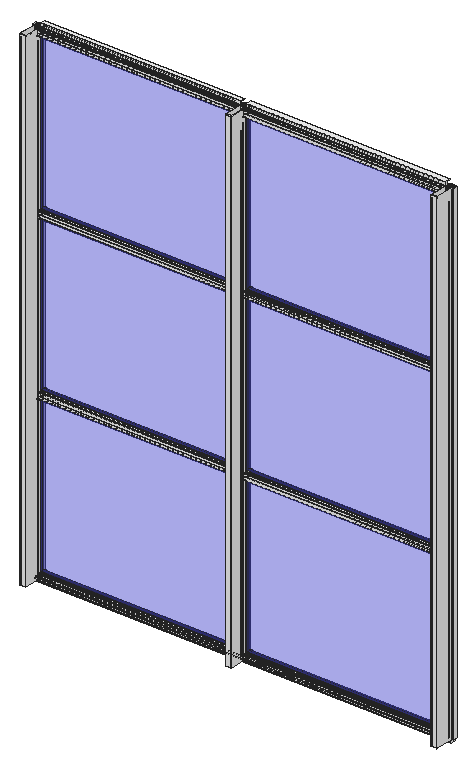
Revit family "Facade_60_Curtain_Wall_S23_Standard", category Windows, host Wall, Revit 2014 (continued)
Definition of nested family "F60 Vertical Profile Side_S23_Std"
  Automatic sketch dimensions
    Extrusion 5 sketch curve to Extrusion 5 sketch curve = 0.65 mm  (x2)
    Extrusion 5 sketch curve to Extrusion 5 sketch curve = 0.128 mm  (x2)
    plane 3 "Center (Left/Right)" to Extrusion 5 sketch curve = 1.015 mm
    plane 3 "Center (Left/Right)" to Extrusion 5 sketch curve = 1.051 mm
    Extrusion 5 sketch curve to Extrusion 5 sketch curve = 0.469 mm  (x2)
    Extrusion 5 sketch curve to Extrusion 5 sketch curve = 1.079 mm
    Extrusion 5 sketch curve to Extrusion 5 sketch curve = 1.317 mm  (x2)
    Extrusion 5 sketch curve to Extrusion 5 sketch curve = 0 mm  (x3)
    plane 3 "Center (Left/Right)" to Extrusion 5 sketch curve = 3.851 mm
    Extrusion 5 sketch curve to Extrusion 5 sketch curve = 0.15 mm  (x2)
    Extrusion 5 sketch curve to Extrusion 5 sketch curve = 26 mm  (x2)
    Extrusion 5 sketch curve to Extrusion 5 sketch curve = 1.05 mm
    plane 1 "Center (Front/Back)" to Extrusion 5 sketch curve = 16.772 mm
    Extrusion 5 sketch curve to Extrusion 5 sketch curve = 0.707 mm
    Extrusion 5 sketch curve to Extrusion 5 sketch curve = 0.433 mm
    plane 1 "Center (Front/Back)" to Extrusion 5 sketch curve = 17.298 mm
    plane 1 "Center (Front/Back)" to Extrusion 5 sketch curve = 14.076 mm
    Extrusion 5 sketch curve to Extrusion 5 sketch curve = 0.5 mm  (x2)
    plane 1 "Center (Front/Back)" to Extrusion 5 sketch curve = 18.761 mm
    Extrusion 5 sketch curve to Extrusion 5 sketch curve = 0.1 mm  (x3)
    Extrusion 5 sketch curve to Extrusion 5 sketch curve = 1.1 mm  (x2)
    Extrusion 5 sketch curve to Extrusion 5 sketch curve = 8.608 mm
    Extrusion 5 sketch curve to Extrusion 5 sketch curve = 0.962 mm
    Extrusion 6 sketch curve to plane 3 "Center (Left/Right)" = 0 mm
    plane 3 "Center (Left/Right)" to Extrusion 6 sketch curve = 1 mm
    plane 3 "Center (Left/Right)" to Extrusion 6 sketch curve = 1.65 mm
    plane 3 "Center (Left/Right)" to Extrusion 6 sketch curve = 1.85 mm
    Extrusion 6 sketch curve to Extrusion 6 sketch curve = 10.317 mm  (x3)
    Extrusion 6 sketch curve to Extrusion 6 sketch curve = 1.833 mm  (x4)
    Extrusion 6 sketch curve to Extrusion 6 sketch curve = 0.02 mm  (x2)
    Extrusion 6 sketch curve to plane 1 "Center (Front/Back)" = 13 mm
    Extrusion 6 sketch curve to Extrusion 6 sketch curve = 31.961 mm
    Extrusion 6 sketch curve to Extrusion 6 sketch curve = 32 mm
    Extrusion 6 sketch curve to Extrusion 6 sketch curve = 0.2 mm  (x5)
    Extrusion 6 sketch curve to Extrusion 6 sketch curve = 0.85 mm
    Extrusion 6 sketch curve to Extrusion 6 sketch curve = 1.65 mm
    Extrusion 6 sketch curve to Extrusion 6 sketch curve = 1 mm  (x8)
    Extrusion 6 sketch curve to Extrusion 6 sketch curve = 1.944 mm
    Extrusion 6 sketch curve to Extrusion 6 sketch curve = 4.656 mm  (x2)
    Extrusion 6 sketch curve to Extrusion 6 sketch curve = 82.1 mm
    Extrusion 6 sketch curve to Extrusion 6 sketch curve = 2.5 mm
    Extrusion 7 sketch curve to plane 3 "Center (Left/Right)" = 0 mm
    Extrusion 7 sketch curve to Extrusion 7 sketch curve = 1 mm  (x3)
    plane 3 "Center (Left/Right)" to Extrusion 7 sketch curve = 1.65 mm
    plane 3 "Center (Left/Right)" to Extrusion 7 sketch curve = 2.35 mm
    Extrusion 7 sketch curve to Extrusion 7 sketch curve = 0.6 mm  (x3)
    Extrusion 7 sketch curve to Extrusion 7 sketch curve = 9.217 mm  (x2)
    Extrusion 7 sketch curve to Extrusion 7 sketch curve = 1.833 mm  (x2)
    Extrusion 7 sketch curve to Extrusion 7 sketch curve = 32 mm
    Extrusion 7 sketch curve to plane 1 "Center (Front/Back)" = 15 mm
    Extrusion 7 sketch curve to Extrusion 7 sketch curve = 54.1 mm
    Extrusion 7 sketch curve to Extrusion 7 sketch curve = 1.3 mm
    Extrusion 7 sketch curve to Extrusion 7 sketch curve = 1.95 mm
    Extrusion 7 sketch curve to Extrusion 7 sketch curve = 1.65 mm
    Extrusion 7 sketch curve to Extrusion 7 sketch curve = 4.987 mm
    Extrusion 7 sketch curve to Extrusion 7 sketch curve = 4.813 mm
    Extrusion 7 sketch curve to Extrusion 7 sketch curve = 4.812 mm
    Extrusion 7 sketch curve to Extrusion 7 sketch curve = 137.5 mm
    Extrusion 7 sketch curve to Extrusion 7 sketch curve = 0.2 mm  (x2)
    Extrusion 7 sketch curve to Extrusion 7 sketch curve = 0.4 mm  (x2)
    Extrusion 7 sketch curve to Extrusion 7 sketch curve = 4.5 mm
    Extrusion 8 sketch curve to plane 3 "Center (Left/Right)" = 0 mm
    Extrusion 8 sketch curve to Extrusion 8 sketch curve = 1 mm  (x3)
    plane 3 "Center (Left/Right)" to Extrusion 8 sketch curve = 1.65 mm
    plane 3 "Center (Left/Right)" to Extrusion 8 sketch curve = 2.75 mm
    Extrusion 8 sketch curve to Extrusion 8 sketch curve = 0.8 mm  (x2)
    Extrusion 8 sketch curve to Extrusion 8 sketch curve = 52.5 mm
    Extrusion 8 sketch curve to plane 1 "Center (Front/Back)" = 15.1 mm
    Extrusion 8 sketch curve to Extrusion 8 sketch curve = 52.9 mm
    Extrusion 8 sketch curve to Extrusion 8 sketch curve = 1.9 mm
    Extrusion 8 sketch curve to Extrusion 8 sketch curve = 2.75 mm
    Extrusion 8 sketch curve to Extrusion 8 sketch curve = 4.444 mm
    Extrusion 8 sketch curve to Extrusion 8 sketch curve = 4.656 mm  (x2)
    Extrusion 8 sketch curve to Extrusion 8 sketch curve = 163.2 mm
    Extrusion 8 sketch curve to Extrusion 8 sketch curve = 9.5 mm
    plane 3 "Center (Left/Right)" to Extrusion 9 sketch curve = 25.249 mm
    Extrusion 9 sketch curve to Extrusion 9 sketch curve = 0.5 mm  (x4)
    Extrusion 9 sketch curve to Extrusion 9 sketch curve = 1.1 mm
    plane 1 "Center (Front/Back)" to Extrusion 9 sketch curve = 11.356 mm  (x2)
    Extrusion 9 sketch curve to Extrusion 9 sketch curve = 0.293 mm  (x2)
    Extrusion 9 sketch curve to Extrusion 9 sketch curve = 1.896 mm
    Extrusion 9 sketch curve to Extrusion 9 sketch curve = 1.922 mm
    Extrusion 9 sketch curve to Extrusion 9 sketch curve = 1 mm  (x2)
    Extrusion 9 sketch curve to Extrusion 9 sketch curve = 0.7 mm
    Extrusion 9 sketch curve to Extrusion 9 sketch curve = 0.808 mm
    Extrusion 9 sketch curve to plane 1 "Center (Front/Back)" = 2.272 mm  (x2)
    Extrusion 9 sketch curve to Extrusion 9 sketch curve = 0.303 mm
    Extrusion 9 sketch curve to plane 1 "Center (Front/Back)" = 1.745 mm
    Extrusion 9 sketch curve to Extrusion 9 sketch curve = 0.356 mm
    plane 1 "Center (Front/Back)" to Extrusion 9 sketch curve = 9.206 mm  (x2)
    Extrusion 9 sketch curve to Extrusion 9 sketch curve = 1.647 mm
    Extrusion 9 sketch curve to Extrusion 9 sketch curve = 0.701 mm
    Extrusion 9 sketch curve to Extrusion 9 sketch curve = 0.992 mm
    Extrusion 9 sketch curve to Extrusion 9 sketch curve = 0.003 mm
    Extrusion 9 sketch curve to Extrusion 9 sketch curve = 0.002 mm
    Extrusion 9 sketch curve to Extrusion 9 sketch curve = 0.004 mm
    Extrusion 9 sketch curve to Extrusion 9 sketch curve = 0.708 mm
    Extrusion 9 sketch curve to plane 1 "Center (Front/Back)" = 1.946 mm
    Extrusion 9 sketch curve to Extrusion 9 sketch curve = 0.899 mm
    Extrusion 9 sketch curve to Extrusion 9 sketch curve = 0.444 mm
    Extrusion 9 sketch curve to Extrusion 9 sketch curve = 3.038 mm
    Extrusion 9 sketch curve to plane 1 "Center (Front/Back)" = 0.385 mm  (x2)
    Extrusion 9 sketch curve to Extrusion 9 sketch curve = 0.756 mm
    Extrusion 9 sketch curve to Extrusion 9 sketch curve = 2.153 mm
    Extrusion 9 sketch curve to Extrusion 9 sketch curve = 0.631 mm
    Extrusion 9 sketch curve to Extrusion 9 sketch curve = 0.807 mm
    Extrusion 9 sketch curve to Extrusion 9 sketch curve = 1.646 mm
    Extrusion 9 sketch curve to Extrusion 9 sketch curve = 0.707 mm
    Extrusion 9 sketch curve to Extrusion 9 sketch curve = 1.393 mm
    Extrusion 9 sketch curve to Extrusion 9 sketch curve = 1.923 mm
    Extrusion 9 sketch curve to Extrusion 9 sketch curve = 11.937 mm
    Extrusion 9 sketch curve to Extrusion 9 sketch curve = 1.6 mm
    Extrusion 9 sketch curve to Extrusion 9 sketch curve = 0.9 mm  (x2)
    Extrusion 9 sketch curve to Extrusion 9 sketch curve = 1.356 mm  (x2)
    Extrusion 9 sketch curve to Extrusion 9 sketch curve = 0.714 mm
    Extrusion 9 sketch curve to Extrusion 9 sketch curve = 0.02 mm
    Extrusion 9 sketch curve to Extrusion 9 sketch curve = 0.399 mm
    Extrusion 9 sketch curve to Extrusion 9 sketch curve = 2.224 mm
    Extrusion 9 sketch curve to Extrusion 9 sketch curve = 0.448 mm
    Extrusion 9 sketch curve to plane 1 "Center (Front/Back)" = 0.198 mm
    Extrusion 9 sketch curve to plane 1 "Center (Front/Back)" = 0.201 mm
    Extrusion 9 sketch curve to Extrusion 9 sketch curve = 0.032 mm
    Extrusion 9 sketch curve to Extrusion 9 sketch curve = 0 mm
    plane 3 "Center (Left/Right)" to Extrusion 10 sketch curve = 1.014 mm
    Extrusion 10 sketch curve to Extrusion 10 sketch curve = 0.469 mm  (x2)
    plane 3 "Center (Left/Right)" to Extrusion 10 sketch curve = 1.706 mm
    Extrusion 10 sketch curve to Extrusion 10 sketch curve = 1.079 mm
    Extrusion 10 sketch curve to Extrusion 10 sketch curve = 0.864 mm
    Extrusion 10 sketch curve to Extrusion 10 sketch curve = 1.15 mm  (x4)
    Extrusion 10 sketch curve to Extrusion 10 sketch curve = 3.2 mm  (x2)
    Extrusion 10 sketch curve to Extrusion 10 sketch curve = 3.031 mm  (x2)
    Extrusion 10 sketch curve to Extrusion 10 sketch curve = 0.6 mm  (x3)
    Extrusion 10 sketch curve to Extrusion 10 sketch curve = 15.584 mm  (x2)
    Extrusion 10 sketch curve to Extrusion 10 sketch curve = 0.808 mm  (x2)
    Extrusion 10 sketch curve to Extrusion 10 sketch curve = 3.038 mm
    Extrusion 10 sketch curve to Extrusion 10 sketch curve = 0.865 mm
    Extrusion 10 sketch curve to Extrusion 10 sketch curve = 1.25 mm  (x5)
    Extrusion 10 sketch curve to Extrusion 10 sketch curve = 0.61 mm
    plane 1 "Center (Front/Back)" to Extrusion 10 sketch curve = 31.288 mm
    Extrusion 10 sketch curve to Extrusion 10 sketch curve = 0.362 mm
    plane 1 "Center (Front/Back)" to Extrusion 10 sketch curve = 31.65 mm
    Extrusion 10 sketch curve to Extrusion 10 sketch curve = 0.962 mm
    Extrusion 10 sketch curve to Extrusion 10 sketch curve = 0.85 mm
    Extrusion 10 sketch curve to Extrusion 10 sketch curve = 0.512 mm  (x2)
    Extrusion 10 sketch curve to Extrusion 10 sketch curve = 0.4 mm  (x2)
    Extrusion 10 sketch curve to Extrusion 10 sketch curve = 1 mm
    Extrusion 10 sketch curve to Extrusion 10 sketch curve = 2.8 mm
    Extrusion 10 sketch curve to Extrusion 10 sketch curve = 0 mm  (x2)
    Extrusion 10 sketch curve to Extrusion 10 sketch curve = 1.4 mm
    Extrusion 10 sketch curve to Extrusion 10 sketch curve = 0.539 mm  (x2)
    plane 1 "Center (Front/Back)" to Extrusion 10 sketch curve = 28.864 mm
    Extrusion 11 sketch curve to plane 3 "Center (Left/Right)" = 0 mm
    plane 3 "Center (Left/Right)" to Extrusion 11 sketch curve = 0.65 mm
    Extrusion 11 sketch curve to Extrusion 11 sketch curve = 0.128 mm  (x2)
    plane 3 "Center (Left/Right)" to Extrusion 11 sketch curve = 1.014 mm
    plane 3 "Center (Left/Right)" to Extrusion 11 sketch curve = 1.05 mm
    Extrusion 11 sketch curve to Extrusion 11 sketch curve = 0.469 mm  (x2)
    Extrusion 11 sketch curve to Extrusion 11 sketch curve = 1.079 mm
    Extrusion 11 sketch curve to Extrusion 11 sketch curve = 1.317 mm  (x2)
    Extrusion 11 sketch curve to Extrusion 11 sketch curve = 0 mm  (x3)
    plane 3 "Center (Left/Right)" to Extrusion 11 sketch curve = 3.85 mm
    Extrusion 11 sketch curve to Extrusion 11 sketch curve = 0.15 mm  (x2)
    Extrusion 11 sketch curve to Extrusion 11 sketch curve = 26 mm  (x2)
    Extrusion 11 sketch curve to Extrusion 11 sketch curve = 1.05 mm
    Extrusion 11 sketch curve to Extrusion 11 sketch curve = 0.707 mm
    Extrusion 11 sketch curve to Extrusion 11 sketch curve = 0.433 mm
    plane 1 "Center (Front/Back)" to Extrusion 11 sketch curve = 31.288 mm
    plane 1 "Center (Front/Back)" to Extrusion 11 sketch curve = 28.065 mm
    Extrusion 11 sketch curve to Extrusion 11 sketch curve = 1.314 mm
    Extrusion 11 sketch curve to Extrusion 11 sketch curve = 0.65 mm
    Extrusion 11 sketch curve to Extrusion 11 sketch curve = 0.5 mm  (x2)
    plane 1 "Center (Front/Back)" to Extrusion 11 sketch curve = 32.75 mm
    Extrusion 11 sketch curve to Extrusion 11 sketch curve = 0.1 mm  (x3)
    Extrusion 11 sketch curve to Extrusion 11 sketch curve = 1.1 mm  (x2)
    Extrusion 11 sketch curve to Extrusion 11 sketch curve = 8.608 mm
    Extrusion 11 sketch curve to Extrusion 11 sketch curve = 0.962 mm
    Extrusion 12 sketch curve to plane 3 "Center (Left/Right)" = 21.349 mm
    Extrusion 12 sketch curve to Extrusion 12 sketch curve = 6.35 mm
    plane 3 "Center (Left/Right)" to Extrusion 12 sketch curve = 10.403 mm
    plane 1 "Center (Front/Back)" to Extrusion 12 sketch curve = 35.567 mm
    plane 1 "Center (Front/Back)" to Extrusion 12 sketch curve = 10.171 mm
    plane 1 "Center (Front/Back)" to Extrusion 12 sketch curve = 3.821 mm
    Extrusion 13 sketch curve to plane 3 "Center (Left/Right)" = 21.35 mm
    Extrusion 13 sketch curve to Extrusion 13 sketch curve = 6.35 mm
    plane 3 "Center (Left/Right)" to Extrusion 13 sketch curve = 10.402 mm
    plane 1 "Center (Front/Back)" to Extrusion 13 sketch curve = 33.172 mm
    plane 1 "Center (Front/Back)" to Extrusion 13 sketch curve = 7.775 mm
    plane 1 "Center (Front/Back)" to Extrusion 13 sketch curve = 1.425 mm
    Extrusion 14 sketch curve to plane 3 "Center (Left/Right)" = 0 mm
    plane 3 "Center (Left/Right)" to Extrusion 14 sketch curve = 1.2 mm
    Extrusion 14 sketch curve to Extrusion 14 sketch curve = 9.6 mm
    Extrusion 14 sketch curve to Extrusion 14 sketch curve = 1.2 mm  (x3)
    plane 1 "Center (Front/Back)" to Extrusion 14 sketch curve = 25.775 mm
    plane 1 "Center (Front/Back)" to Extrusion 14 sketch curve = 8.975 mm
    curve 4 to Extrusion 6 = 0 mm
    curve 3 to Extrusion 6 = 0 mm
    curve 1 to Extrusion 6 = 0 mm
    curve 4 to Extrusion 6 = 3.6 mm
    curve 3 to Extrusion 6 = 3.6 mm
    curve 1 to Extrusion 6 = 3.6 mm
    Extrusion 6 to curve 2 = 1 mm
    Extrusion 6 to curve 5 = 1 mm
    Extrusion 6 to curve 6 = 1 mm
    curve 6 to Extrusion 6 = 1 mm
    curve 5 to Extrusion 6 = 1 mm
    curve 2 to Extrusion 6 = 1 mm
    curve 9 to Extrusion 6 = 0 mm
    curve 8 to Extrusion 6 = 0 mm
    curve 7 to Extrusion 6 = 0 mm
    Extrusion 6 to curve 8 = 3.6 mm
    Extrusion 6 to curve 9 = 3.6 mm
    Extrusion 6 to curve 7 = 3.6 mm
    curve 12 to Extrusion 5 = 25.894 mm
    curve 11 to Extrusion 5 = 25.894 mm
    curve 10 to Extrusion 5 = 25.894 mm
    curve 10 to Extrusion 5 = 0.108 mm
    Extrusion 5 to curve 12 = 0.703 mm
    Extrusion 5 to curve 11 = 0.703 mm
    curve 13 to Extrusion 5 = 4 mm
    curve 14 to Extrusion 5 = 4 mm
    curve 15 to Extrusion 5 = 4 mm
    Extrusion 5 to curve 15 = 0.702 mm
    Extrusion 5 to curve 14 = 0.702 mm
    Extrusion 5 to curve 13 = 0.702 mm
    curve 18 to Extrusion 7 = 0 mm
    curve 17 to Extrusion 7 = 0 mm
    curve 16 to Extrusion 7 = 0 mm
    Extrusion 7 to curve 17 = 3.6 mm
    Extrusion 7 to curve 18 = 3.6 mm
    Extrusion 7 to curve 16 = 3.6 mm
    Extrusion 7 to curve 21 = 1 mm  (x2)
    Extrusion 7 to curve 20 = 1 mm  (x2)
    Extrusion 7 to curve 19 = 1 mm  (x2)
    curve 24 to Extrusion 7 = 0 mm
    curve 23 to Extrusion 7 = 0 mm
    curve 22 to Extrusion 7 = 0 mm
    curve 24 to Extrusion 7 = 3.6 mm
    curve 23 to Extrusion 7 = 3.6 mm
    curve 22 to Extrusion 7 = 3.6 mm
    curve 27 to Extrusion 8 = 0 mm
    curve 26 to Extrusion 8 = 0 mm
    curve 25 to Extrusion 8 = 0 mm
    Extrusion 8 to curve 26 = 3.6 mm
    Extrusion 8 to curve 27 = 3.6 mm
    Extrusion 8 to curve 25 = 3.6 mm
    Extrusion 8 to curve 30 = 0.221 mm
    Extrusion 8 to curve 29 = 0.221 mm
    Extrusion 8 to curve 28 = 0.221 mm
    curve 29 to Extrusion 8 = 0.222 mm
    curve 30 to Extrusion 8 = 0.222 mm
    curve 28 to Extrusion 8 = 0.222 mm
    curve 33 to Extrusion 8 = 0 mm
    curve 32 to Extrusion 8 = 0 mm
    curve 31 to Extrusion 8 = 0 mm
    curve 33 to Extrusion 8 = 3.6 mm
    curve 32 to Extrusion 8 = 3.6 mm
    curve 31 to Extrusion 8 = 3.6 mm
    curve 34 to Extrusion 11 = 4.016 mm
    curve 35 to Extrusion 11 = 4.016 mm
    curve 36 to Extrusion 11 = 3.97 mm
    Extrusion 11 to curve 36 = 0.637 mm
    Extrusion 11 to curve 35 = 0.637 mm
    Extrusion 11 to curve 34 = 0.637 mm
    curve 37 to Extrusion 11 = 29.221 mm
    curve 38 to Extrusion 11 = 29.221 mm
    curve 39 to Extrusion 11 = 29.221 mm
    Extrusion 11 to curve 39 = 3.222 mm
    Extrusion 11 to curve 38 = 3.222 mm
    Extrusion 11 to curve 37 = 3.222 mm
Definition of nested family "F60 Horizontal Profile Top_S23_Std"
  Parameters (values of type "F60 Horizontal Profile Top")
    Thermal Break Material [instance] = none
    Single Glazing [instance] = yes
    Profile Material [instance] = none
    Length [instance] = 250 mm
    Double Glazing [instance] = yes
  Reference planes
    plane 1 "Center (Front/Back)": y = 0
    plane 2: z = 0
    plane 3 "Center (Left/Right)": x = 0
  Forms (mm)
    Extrusion 1, solid, material <- "Profile Material"
      sketch origin (0, 0, 0) x (0, 1, 0) y (0, 0, 1)
        loop
          line (-9.94, 7.845) -> (-8.37, 6.275) -> (-1.2, 10.415) -> (-1.2, 1.2) -> (-5, 1.2) -> (-5, 0) -> (-1, 0)
          arc (-1, 0) -> (-0.293, 0.293) -> (0, 1) r 1
          line (0, 1) -> (0, 30) -> (0, 59)
          arc (0, 59) -> (-0.293, 59.707) -> (-1, 60) r 1
          line (-1, 60) -> (-5, 60) -> (-5, 58.8) -> (-1.2, 58.8) -> (-1.2, 49.585) -> (-8.37, 53.725) -> (-9.94, 52.155)
          arc (-9.94, 52.155) -> (-9.902, 51.269) -> (-9.016, 51.232) r 0.655
          line (-9.016, 51.232) -> (-8.077, 52.17) -> (-1.2, 48.2) -> (-1.2, 30) -> (-1.2, 11.8) -> (-8.077, 7.83) -> (-9.016, 8.768)
          arc (-9.016, 8.768) -> (-9.902, 8.731) -> (-9.94, 7.845) r 0.655
      from 0 to 250 <- "Length"
    Extrusion 2, solid, material <- "Profile Material"
      sketch origin (0, 0, 0) x (0, 1, 0) y (0, 0, 1)
        loop
          line (-5, 60) -> (-44.6, 60) -> (-44.6, 58.35) -> (-39.944, 58.35) -> (-39.944, 1.65) -> (-44.6, 1.65) -> (-44.6, 0) -> (-5, 0) -> (-5, 2.2) -> (-4.2, 2.2) -> (-4.2, 3.018)
          arc (-4.2, 3.018) -> (-4.352, 3.783) -> (-4.786, 4.432) r 2
          line (-4.786, 4.432) -> (-7.054, 6.7) -> (-8, 6.489) -> (-8, 5.7) -> (-7.205, 5.7) -> (-7.205, 2.95) -> (-8, 2.95) -> (-8, 1.95) -> (-12.752, 1.95) -> (-12.752, 6.7) -> (-14.152, 6.7) -> (-14.152, 1.65) -> (-38.65, 1.65) -> (-38.65, 8.33) -> (-37.097, 8.33) -> (-34.666, 6.973)
          arc (-34.666, 6.973) -> (-33.846, 7.192) -> (-34.066, 8.012) r 0.6
          line (-34.066, 8.012) -> (-37.128, 9.78) -> (-38.65, 9.78) -> (-38.65, 12.65) -> (-37.6, 13.7) -> (-37.6, 20.3) -> (-38.65, 21.35) -> (-38.65, 38.65) -> (-37.6, 39.7) -> (-37.6, 46.3) -> (-38.65, 47.35) -> (-38.65, 50.22) -> (-37.128, 50.22) -> (-34.066, 51.988)
          arc (-34.066, 51.988) -> (-33.846, 52.808) -> (-34.666, 53.027) r 0.6
          line (-34.666, 53.027) -> (-37.032, 51.661) -> (-38.65, 51.661) -> (-38.65, 58.35) -> (-14.152, 58.35) -> (-14.152, 53.3) -> (-12.752, 53.3) -> (-12.752, 58.05) -> (-8, 58.05) -> (-8, 57.05) -> (-7.205, 57.05) -> (-7.205, 54.3) -> (-8, 54.3) -> (-8, 53.511) -> (-7.054, 53.3) -> (-4.786, 55.568)
          arc (-4.786, 55.568) -> (-4.352, 56.217) -> (-4.2, 56.982) r 2
          line (-4.2, 56.982) -> (-4.2, 57.8) -> (-5, 57.8) -> (-5, 60)
      from 0 to 250 <- "Length"
    Extrusion 3, solid, material <- "Thermal Break Material"
      sketch origin (0, 0, 0) x (0, 1, 0) y (0, 0, 1)
        loop
          line (-40, 1.75) -> (-40, 30) -> (-40, 58.25) -> (-44.6, 58.25) -> (-44.6, 60) -> (-45.9, 60) -> (-45.9, 53.65) -> (-41.788, 53.65)
          arc (-41.788, 53.65) -> (-41.363, 53.474) -> (-41.187, 53.05) r 0.6
          line (-41.187, 53.05) -> (-41.187, 30) -> (-41.187, 6.95)
          arc (-41.187, 6.95) -> (-41.363, 6.526) -> (-41.788, 6.35) r 0.6
          line (-41.788, 6.35) -> (-45.9, 6.35) -> (-45.9, 0) -> (-44.6, 0) -> (-44.6, 1.75) -> (-40, 1.75)
      from 0 to 250 <- "Length"
    Extrusion 4, solid, material <- "Profile Material"
      sketch origin (0, 0, 0) x (0, 1, 0) y (0, 0, 1)
        loop
          line (-58.5, 25.249) -> (-43.6, 25.249)
          arc (-43.6, 25.249) -> (-43.034, 25.015) -> (-42.8, 24.449) r 0.8
          line (-42.8, 24.449) -> (-42.8, 7.9) -> (-44.4, 7.9) -> (-44.4, 9.45) -> (-45.25, 9.45)
          arc (-45.25, 9.45) -> (-45.674, 9.274) -> (-45.85, 8.85) r 0.6
          line (-45.85, 8.85) -> (-45.85, 7.9) -> (-48.8, 7.9)
          arc (-48.8, 7.9) -> (-49.3, 8.4) -> (-49.8, 7.9) r 0.5
          line (-49.8, 7.9) -> (-49.8, 5.55) -> (-48.65, 5.55) -> (-48.65, 6.7) -> (-47.35, 6.7) -> (-47.35, 1.2) -> (-48.65, 1.2) -> (-48.65, 2.35) -> (-49.8, 2.35) -> (-49.8, 0.5)
          arc (-49.8, 0.5) -> (-49.654, 0.146) -> (-49.3, 0) r 0.5
          line (-49.3, 0) -> (-45.9, 0) -> (-45.9, 6.45) -> (-42.2, 6.45)
          arc (-42.2, 6.45) -> (-41.634, 6.684) -> (-41.4, 7.25) r 0.8
          line (-41.4, 7.25) -> (-41.4, 30) -> (-41.4, 52.75)
          arc (-41.4, 52.75) -> (-41.634, 53.316) -> (-42.2, 53.55) r 0.8
          line (-42.2, 53.55) -> (-45.9, 53.55) -> (-45.9, 60) -> (-49.3, 60)
          arc (-49.3, 60) -> (-49.654, 59.854) -> (-49.8, 59.5) r 0.5
          line (-49.8, 59.5) -> (-49.8, 57.65) -> (-48.65, 57.65) -> (-48.65, 58.8) -> (-47.35, 58.8) -> (-47.35, 53.3) -> (-48.65, 53.3) -> (-48.65, 54.45) -> (-49.8, 54.45) -> (-49.8, 52.1)
          arc (-49.8, 52.1) -> (-49.3, 51.6) -> (-48.8, 52.1) r 0.5
          line (-48.8, 52.1) -> (-45.85, 52.1) -> (-45.85, 51.15)
          arc (-45.85, 51.15) -> (-45.674, 50.726) -> (-45.25, 50.55) r 0.6
          line (-45.25, 50.55) -> (-44.4, 50.55) -> (-44.4, 52.1) -> (-42.8, 52.1) -> (-42.8, 35.551)
          arc (-42.8, 35.551) -> (-43.034, 34.985) -> (-43.6, 34.751) r 0.8
          line (-43.6, 34.751) -> (-58.5, 34.751)
          arc (-58.5, 34.751) -> (-59.066, 34.516) -> (-59.3, 33.951) r 0.8
          line (-59.3, 33.951) -> (-59.3, 32.902) -> (-42.8, 32.902) -> (-42.8, 27.1) -> (-59.3, 27.1) -> (-59.3, 26.049)
          arc (-59.3, 26.049) -> (-59.066, 25.484) -> (-58.5, 25.249) r 0.8
      from 0 to 250 <- "Length"
    Extrusion 5, solid, material <- "Thermal Break Material", visible <- "Single Glazing"
      sketch origin (0, 0, 0) x (0, 1, 0) y (0, 0, 1)
        loop
          arc (-63.8, 25.751) -> (-63.654, 25.397) -> (-63.3, 25.251) r 0.5
          line (-63.3, 25.251) -> (-59.8, 25.251)
          arc (-59.8, 25.251) -> (-59.446, 25.397) -> (-59.3, 25.751) r 0.5
          line (-59.3, 25.751) -> (-59.3, 27.648) -> (-49.599, 27.648) -> (-47.528, 28.651)
          arc (-47.528, 28.651) -> (-46.803, 30.001) -> (-47.528, 31.351) r 1.62
          line (-47.528, 31.351) -> (-49.599, 32.353) -> (-59.3, 32.353) -> (-59.3, 34.251)
          arc (-59.3, 34.251) -> (-59.446, 34.604) -> (-59.8, 34.751) r 0.5
          line (-59.8, 34.751) -> (-63.3, 34.751)
          arc (-63.3, 34.751) -> (-63.654, 34.604) -> (-63.8, 34.251) r 0.5
          line (-63.8, 34.251) -> (-63.8, 32.328) -> (-62.4, 31.52) -> (-62.4, 28.483) -> (-63.8, 27.673) -> (-63.8, 25.751)
        loop
          line (-59.794, 28.506) -> (-59.006, 29.294)
          arc (-59.006, 29.294) -> (-58.788, 29.618) -> (-58.713, 30.001) r 0.986
          arc (-58.713, 30.001) -> (-58.79, 30.384) -> (-59.008, 30.71) r 1.007
          line (-59.008, 30.71) -> (-59.794, 31.496) -> (-60.65, 31.496)
          arc (-60.65, 31.496) -> (-61.004, 31.349) -> (-61.15, 30.996) r 0.5
          line (-61.15, 30.996) -> (-61.15, 29.006)
          arc (-61.15, 29.006) -> (-61.004, 28.652) -> (-60.65, 28.506) r 0.5
          line (-60.65, 28.506) -> (-59.794, 28.506)
        loop
          line (-47.854, 30.898) -> (-49.415, 31.653) -> (-56.782, 31.653)
          arc (-56.782, 31.653) -> (-57.207, 31.417) -> (-57.23, 30.932) r 0.5
          arc (-57.23, 30.932) -> (-57.013, 30.001) -> (-57.23, 29.07) r 2.099
          arc (-57.23, 29.07) -> (-57.207, 28.584) -> (-56.782, 28.348) r 0.5
          line (-56.782, 28.348) -> (-49.415, 28.348) -> (-48.055, 29.007)
          arc (-48.055, 29.007) -> (-47.35, 29.888) -> (-47.854, 30.898) r 1.047
      from 0 to 250 <- "Length"
    Extrusion 6, solid, material <- "Profile Material", visible <- "Single Glazing"
      sketch origin (0, 0, 0) x (0, 1, 0) y (0, 0, 1)
        loop
          line (-63.8, 52.694) -> (-64.8, 52.694) -> (-64.8, 51.544) -> (-66.05, 51.544) -> (-66.05, 57.044) -> (-64.8, 57.044) -> (-64.8, 55.894) -> (-63.8, 55.894) -> (-63.8, 58.294)
          arc (-63.8, 58.294) -> (-64.082, 58.803) -> (-64.664, 58.835) r 0.6
          line (-64.664, 58.835) -> (-66.562, 57.91) -> (-67.088, 58.988) -> (-68.05, 58.519) -> (-68.05, 48.513)
          arc (-68.05, 48.513) -> (-67.874, 48.089) -> (-67.45, 47.913) r 0.6
          line (-67.45, 47.913) -> (-66.6, 47.913) -> (-66.6, 12.09) -> (-67.45, 12.09)
          arc (-67.45, 12.09) -> (-67.874, 11.914) -> (-68.05, 11.49) r 0.6
          line (-68.05, 11.49) -> (-68.05, 1.485) -> (-67.088, 1.016) -> (-66.562, 2.095) -> (-64.663, 1.169)
          arc (-64.663, 1.169) -> (-64.082, 1.2) -> (-63.8, 1.709) r 0.6
          line (-63.8, 1.709) -> (-63.8, 4.109) -> (-64.8, 4.109) -> (-64.8, 2.959) -> (-66.05, 2.959) -> (-66.05, 8.459) -> (-64.8, 8.459) -> (-64.8, 7.309) -> (-63.8, 7.309) -> (-63.8, 27.674) -> (-62.4, 28.483) -> (-62.4, 31.521) -> (-63.8, 32.329) -> (-63.8, 52.694)
      from 0 to 250 <- "Length"
    Extrusion 7, solid, material <- "Profile Material", visible <- "Single Glazing"
      sketch origin (0, 0, 0) x (0, 1, 0) y (0, 0, 1)
        loop
          line (-68.551, 3.3) -> (-76.559, 3.3) -> (-76.559, 30) -> (-76.559, 56.15)
          arc (-76.559, 56.15) -> (-75.739, 58.13) -> (-73.759, 58.95) r 2.8
          line (-73.759, 58.95) -> (-69.151, 58.95) -> (-69.151, 57.2)
          arc (-69.151, 57.2) -> (-68.987, 56.829) -> (-68.601, 56.703) r 0.5
          arc (-68.601, 56.703) -> (-68.216, 56.829) -> (-68.051, 57.2) r 0.5
          line (-68.051, 57.2) -> (-68.051, 58.517) -> (-67.089, 58.986) -> (-66.563, 57.907) -> (-63.866, 59.222)
          arc (-63.866, 59.222) -> (-64.001, 59.762) -> (-64.504, 60) r 0.65
          line (-64.504, 60) -> (-73.859, 60)
          arc (-73.859, 60) -> (-76.687, 58.828) -> (-77.859, 56) r 4
          line (-77.859, 56) -> (-77.859, 30) -> (-77.859, 2.493)
          arc (-77.859, 2.493) -> (-77.197, 0.799) -> (-75.562, 0.002) r 2.5
          arc (-75.562, 0.002) -> (-75.182, 0.132) -> (-75.021, 0.5) r 0.5
          line (-75.021, 0.5) -> (-75.021, 2) -> (-69.151, 2) -> (-69.151, 0.5)
          arc (-69.151, 0.5) -> (-69.005, 0.146) -> (-68.651, 0) r 0.5
          line (-68.651, 0) -> (-64.504, 0)
          arc (-64.504, 0) -> (-64.001, 0.238) -> (-63.866, 0.778) r 0.65
          line (-63.866, 0.778) -> (-66.563, 2.093) -> (-67.089, 1.014) -> (-68.051, 1.483) -> (-68.051, 2.8)
          arc (-68.051, 2.8) -> (-68.198, 3.154) -> (-68.551, 3.3) r 0.5
      from 0 to 250 <- "Length"
    Extrusion 8, solid, material <- "Thermal Break Material", visible <- "Double Glazing"
      sketch origin (0, 0, 0) x (0, 1, 0) y (0, 0, 1)
        loop
          line (-77.8, 27.673) -> (-77.8, 25.751)
          arc (-77.8, 25.751) -> (-77.654, 25.397) -> (-77.3, 25.251) r 0.5
          line (-77.3, 25.251) -> (-59.8, 25.251)
          arc (-59.8, 25.251) -> (-59.446, 25.397) -> (-59.3, 25.751) r 0.5
          line (-59.3, 25.751) -> (-59.3, 27.647) -> (-49.599, 27.647) -> (-47.528, 28.649)
          arc (-47.528, 28.649) -> (-46.803, 29.999) -> (-47.528, 31.349) r 1.62
          line (-47.528, 31.349) -> (-49.602, 32.353) -> (-59.3, 32.353) -> (-59.3, 34.251)
          arc (-59.3, 34.251) -> (-59.446, 34.604) -> (-59.8, 34.751) r 0.5
          line (-59.8, 34.751) -> (-77.3, 34.751)
          arc (-77.3, 34.751) -> (-77.654, 34.604) -> (-77.8, 34.251) r 0.5
          line (-77.8, 34.251) -> (-77.8, 32.327) -> (-76.4, 31.52) -> (-76.4, 28.482) -> (-77.8, 27.673)
        loop
          line (-59.006, 30.708) -> (-61.156, 32.858)
          arc (-61.156, 32.858) -> (-61.48, 33.074) -> (-61.863, 33.151) r 1
          line (-61.863, 33.151) -> (-73.8, 33.151)
          arc (-73.8, 33.151) -> (-74.507, 32.858) -> (-74.8, 32.151) r 1
          line (-74.8, 32.151) -> (-74.8, 27.851)
          arc (-74.8, 27.851) -> (-74.507, 27.144) -> (-73.8, 26.851) r 1
          line (-73.8, 26.851) -> (-61.863, 26.851)
          arc (-61.863, 26.851) -> (-61.48, 26.927) -> (-61.156, 27.144) r 1
          line (-61.156, 27.144) -> (-59.006, 29.294)
          arc (-59.006, 29.294) -> (-58.788, 29.618) -> (-58.713, 30.001) r 0.986
          arc (-58.713, 30.001) -> (-58.79, 30.383) -> (-59.006, 30.708) r 1.007
        loop
          line (-56.782, 28.347) -> (-49.415, 28.347) -> (-48.055, 29.005)
          arc (-48.055, 29.005) -> (-47.35, 29.887) -> (-47.854, 30.896) r 1.047
          line (-47.854, 30.896) -> (-49.415, 31.652) -> (-56.782, 31.652)
          arc (-56.782, 31.652) -> (-57.207, 31.416) -> (-57.23, 30.93) r 0.5
          arc (-57.23, 30.93) -> (-57.013, 29.999) -> (-57.23, 29.068) r 2.099
          arc (-57.23, 29.068) -> (-57.207, 28.583) -> (-56.782, 28.347) r 0.5
      from 0 to 250 <- "Length"
    Extrusion 9, solid, material <- "Profile Material", visible <- "Double Glazing"
      sketch origin (0, 0, 0) x (0, 1, 0) y (0, 0, 1)
        loop
          line (-77.8, 52.694) -> (-78.8, 52.694) -> (-78.8, 51.544) -> (-80.05, 51.544) -> (-80.05, 57.044) -> (-78.8, 57.044) -> (-78.8, 55.894) -> (-77.8, 55.894) -> (-77.8, 58.294)
          arc (-77.8, 58.294) -> (-78.082, 58.802) -> (-78.664, 58.834) r 0.6
          line (-78.664, 58.834) -> (-80.562, 57.909) -> (-81.088, 58.988) -> (-82.05, 58.518) -> (-82.05, 48.512)
          arc (-82.05, 48.512) -> (-81.874, 48.088) -> (-81.45, 47.912) r 0.6
          line (-81.45, 47.912) -> (-80.6, 47.912) -> (-80.6, 12.089) -> (-81.45, 12.089)
          arc (-81.45, 12.089) -> (-81.874, 11.913) -> (-82.05, 11.489) r 0.6
          line (-82.05, 11.489) -> (-82.05, 1.484) -> (-81.088, 1.015) -> (-80.562, 2.094) -> (-78.663, 1.169)
          arc (-78.663, 1.169) -> (-78.082, 1.199) -> (-77.8, 1.708) r 0.6
          line (-77.8, 1.708) -> (-77.8, 4.108) -> (-78.8, 4.108) -> (-78.8, 2.958) -> (-80.05, 2.958) -> (-80.05, 8.458) -> (-78.8, 8.458) -> (-78.8, 7.308) -> (-77.8, 7.308) -> (-77.8, 27.673) -> (-76.4, 28.482) -> (-76.4, 31.52) -> (-77.8, 32.328) -> (-77.8, 52.694)
      from 0 to 250 <- "Length"
    Extrusion 10, solid, material <- "Profile Material", visible <- "Double Glazing"
      sketch origin (0, 0, 0) x (0, 1, 0) y (0, 0, 1)
        loop
          line (-82.551, 3.3) -> (-90.558, 3.3) -> (-90.558, 30) -> (-90.558, 56.15)
          arc (-90.558, 56.15) -> (-89.738, 58.13) -> (-87.758, 58.95) r 2.8
          line (-87.758, 58.95) -> (-83.151, 58.95) -> (-83.151, 57.2)
          arc (-83.151, 57.2) -> (-82.986, 56.829) -> (-82.601, 56.703) r 0.5
          arc (-82.601, 56.703) -> (-82.215, 56.829) -> (-82.051, 57.2) r 0.5
          line (-82.051, 57.2) -> (-82.051, 58.517) -> (-81.088, 58.986) -> (-80.563, 57.907) -> (-77.866, 59.222)
          arc (-77.866, 59.222) -> (-78, 59.762) -> (-78.503, 60) r 0.65
          line (-78.503, 60) -> (-87.858, 60)
          arc (-87.858, 60) -> (-90.687, 58.828) -> (-91.858, 56) r 4
          line (-91.858, 56) -> (-91.858, 30) -> (-91.858, 2.493)
          arc (-91.858, 2.493) -> (-91.196, 0.799) -> (-89.561, 0.002) r 2.5
          arc (-89.561, 0.002) -> (-89.182, 0.132) -> (-89.021, 0.5) r 0.5
          line (-89.021, 0.5) -> (-89.021, 2) -> (-83.151, 2) -> (-83.151, 0.5)
          arc (-83.151, 0.5) -> (-83.004, 0.146) -> (-82.651, 0) r 0.5
          line (-82.651, 0) -> (-78.503, 0)
          arc (-78.503, 0) -> (-78, 0.238) -> (-77.866, 0.778) r 0.65
          line (-77.866, 0.778) -> (-80.563, 2.093) -> (-81.088, 1.014) -> (-82.051, 1.483) -> (-82.051, 2.8)
          arc (-82.051, 2.8) -> (-82.197, 3.154) -> (-82.551, 3.3) r 0.5
      from 0 to 250 <- "Length"
    Extrusion 11, solid, material <- "Profile Material", visible <- "Double Glazing"
      sketch origin (0, 0, 0) x (0, 1, 0) y (0, 0, 1)
        loop
          line (-57.8, 45.73) -> (-51.8, 45.73) -> (-51.8, 95.73) -> (-101.8, 95.73) -> (-101.8, 89.73) -> (-57.8, 89.73) -> (-57.8, 45.73)
      from 0 to 250 <- "Length"
    Extrusion 12, solid, material <- "Profile Material", visible <- "Double Glazing"
      sketch origin (0, 0, 0) x (0, 1, 0) y (0, 0, 1)
        loop
          line (-75.8, 48) -> (-57.8, 48) -> (-57.8, 60) -> (-75.8, 60) -> (-75.8, 48)
        loop
          line (-74.6, 49.2) -> (-59, 49.2) -> (-59, 58.8) -> (-74.6, 58.8) -> (-74.6, 49.2)
      from 0 to 250 <- "Length"
    Extrusion 13, solid, material <- "Profile Material", visible <- "Single Glazing"
      sketch origin (0, 0, 0) x (0, 1, 0) y (0, 0, 1)
        loop
          line (-59.8, 45.865) -> (-53.8, 45.865) -> (-53.8, 95.865) -> (-103.8, 95.865) -> (-103.8, 89.865) -> (-59.8, 89.865) -> (-59.8, 45.865)
      from 0 to 250 <- "Length"
  Dimensions and locks
    aligned and locked: level to plane 2
Definition of nested family "F60 Sill_S23_Std"
  Parameters (values of type "F60 Sill")
    Profile Material [instance] = none
    Length Sill [instance] = 250 mm
  Reference planes
    plane 1 "Center (Front/Back)": y = 0
    plane 2: z = 0
    plane 3 "Center (Left/Right)": x = 0
  Forms (mm)
    Extrusion 1, solid, material <- "Profile Material"
      sketch origin (0, 0, 0) x (0, 1, 0) y (0, 0, 1)
        loop
          line (-42.734, 5.324) -> (-48.256, 4.643)
          arc (-48.256, 4.643) -> (-49.196, 4.147) -> (-49.572, 3.154) r 1.5
          line (-49.572, 3.154) -> (-49.572, 1.88) -> (-47.772, 1.88) -> (-47.772, 3.191) -> (-19.233, 6.714)
          arc (-19.233, 6.714) -> (-17.924, 7.083) -> (-16.785, 7.826) r 4.5
          line (-16.785, 7.826) -> (-16.785, 1.88) -> (-15.285, 1.88) -> (-15.285, 24.58)
          arc (-15.285, 24.58) -> (-15.109, 25.004) -> (-14.685, 25.18) r 0.6
          line (-14.685, 25.18) -> (-4.072, 25.18) -> (-4.072, 1.88) -> (-2.572, 1.88) -> (-2.572, 29.88) -> (-4.072, 29.88) -> (-4.072, 28.88) -> (-5.222, 28.88) -> (-5.222, 27.68) -> (-4.072, 27.68) -> (-4.072, 26.38) -> (-9.572, 26.38) -> (-9.572, 27.68) -> (-8.422, 27.68) -> (-8.422, 28.88) -> (-10.172, 28.88)
          arc (-10.172, 28.88) -> (-10.597, 28.704) -> (-10.772, 28.28) r 0.6
          line (-10.772, 28.28) -> (-10.772, 26.38) -> (-15.285, 26.38)
          arc (-15.285, 26.38) -> (-16.345, 25.941) -> (-16.785, 24.88) r 1.5
          line (-16.785, 24.88) -> (-16.785, 11.18)
          arc (-16.785, 11.18) -> (-17.537, 9.193) -> (-19.417, 8.203) r 3
          line (-19.417, 8.203) -> (-39.35, 5.742)
          arc (-39.35, 5.742) -> (-40.527, 6.107) -> (-41.034, 7.231) r 1.5
          line (-41.034, 7.231) -> (-41.034, 19.996)
          arc (-41.034, 19.996) -> (-40.883, 20.394) -> (-40.507, 20.592) r 0.6
          line (-40.507, 20.592) -> (-32.917, 21.529)
          arc (-32.917, 21.529) -> (-31.977, 22.024) -> (-31.601, 23.017) r 1.5
          line (-31.601, 23.017) -> (-31.601, 28.88) -> (-33.101, 28.88) -> (-33.101, 23.548)
          arc (-33.101, 23.548) -> (-33.251, 23.15) -> (-33.627, 22.952) r 0.6
          line (-33.627, 22.952) -> (-45.787, 21.451)
          arc (-45.787, 21.451) -> (-46.727, 20.956) -> (-47.104, 19.962) r 1.5
          line (-47.104, 19.962) -> (-47.104, 19.054)
          arc (-47.104, 19.054) -> (-46.957, 18.7) -> (-46.604, 18.554) r 0.5
          line (-46.604, 18.554) -> (-45.604, 18.554) -> (-45.604, 19.962) -> (-42.734, 20.317) -> (-42.734, 5.324)
      from 0 to 250 <- "Length Sill"
  Dimensions and locks
    aligned and locked: level to plane 2
Definition of nested family "F60 Horizontal Profile Bottom_S23_Std"
  Parameters (values of type "F60 Horizontal Profile Bottom")
    Thermal Break Material [instance] = none
    Single Glazing [instance] = yes
    Profile Material [instance] = none
    Length [instance] = 250 mm
    Double Glazing [instance] = yes
  Reference planes
    plane 1 "Center (Front/Back)": y = 0
    plane 2: z = 0
    plane 3 "Center (Left/Right)": x = 0
  Forms (mm)
    Extrusion 1, solid, material <- "Profile Material"
      sketch origin (0, 0, 0) x (0, 1, 0) y (0, 0, 1)
        loop
          line (-9.94, 7.845) -> (-8.37, 6.275) -> (-1.2, 10.415) -> (-1.2, 1.2) -> (-5, 1.2) -> (-5, 0) -> (-1, 0)
          arc (-1, 0) -> (-0.293, 0.293) -> (0, 1) r 1
          line (0, 1) -> (0, 30) -> (0, 59)
          arc (0, 59) -> (-0.293, 59.707) -> (-1, 60) r 1
          line (-1, 60) -> (-5, 60) -> (-5, 58.8) -> (-1.2, 58.8) -> (-1.2, 49.585) -> (-8.37, 53.725) -> (-9.94, 52.155)
          arc (-9.94, 52.155) -> (-9.902, 51.269) -> (-9.016, 51.232) r 0.655
          line (-9.016, 51.232) -> (-8.077, 52.17) -> (-1.2, 48.2) -> (-1.2, 30) -> (-1.2, 11.8) -> (-8.077, 7.83) -> (-9.016, 8.768)
          arc (-9.016, 8.768) -> (-9.902, 8.731) -> (-9.94, 7.845) r 0.655
      from 0 to 250 <- "Length"
    Extrusion 2, solid, material <- "Profile Material"
      sketch origin (0, 0, 0) x (0, 1, 0) y (0, 0, 1)
        loop
          line (-5, 60) -> (-44.6, 60) -> (-44.6, 58.35) -> (-39.944, 58.35) -> (-39.944, 1.65) -> (-44.6, 1.65) -> (-44.6, 0) -> (-5, 0) -> (-5, 2.2) -> (-4.2, 2.2) -> (-4.2, 3.018)
          arc (-4.2, 3.018) -> (-4.352, 3.783) -> (-4.786, 4.432) r 2
          line (-4.786, 4.432) -> (-7.054, 6.7) -> (-8, 6.489) -> (-8, 5.7) -> (-7.205, 5.7) -> (-7.205, 2.95) -> (-8, 2.95) -> (-8, 1.95) -> (-12.752, 1.95) -> (-12.752, 6.7) -> (-14.152, 6.7) -> (-14.152, 1.65) -> (-38.65, 1.65) -> (-38.65, 8.33) -> (-37.097, 8.33) -> (-34.666, 6.973)
          arc (-34.666, 6.973) -> (-33.846, 7.192) -> (-34.066, 8.012) r 0.6
          line (-34.066, 8.012) -> (-37.128, 9.78) -> (-38.65, 9.78) -> (-38.65, 12.65) -> (-37.6, 13.7) -> (-37.6, 20.3) -> (-38.65, 21.35) -> (-38.65, 38.65) -> (-37.6, 39.7) -> (-37.6, 46.3) -> (-38.65, 47.35) -> (-38.65, 50.22) -> (-37.128, 50.22) -> (-34.066, 51.988)
          arc (-34.066, 51.988) -> (-33.846, 52.808) -> (-34.666, 53.027) r 0.6
          line (-34.666, 53.027) -> (-37.032, 51.661) -> (-38.65, 51.661) -> (-38.65, 58.35) -> (-14.152, 58.35) -> (-14.152, 53.3) -> (-12.752, 53.3) -> (-12.752, 58.05) -> (-8, 58.05) -> (-8, 57.05) -> (-7.205, 57.05) -> (-7.205, 54.3) -> (-8, 54.3) -> (-8, 53.511) -> (-7.054, 53.3) -> (-4.786, 55.568)
          arc (-4.786, 55.568) -> (-4.352, 56.217) -> (-4.2, 56.982) r 2
          line (-4.2, 56.982) -> (-4.2, 57.8) -> (-5, 57.8) -> (-5, 60)
      from 0 to 250 <- "Length"
    Extrusion 3, solid, material <- "Thermal Break Material"
      sketch origin (0, 0, 0) x (0, 1, 0) y (0, 0, 1)
        loop
          line (-40, 1.75) -> (-40, 30) -> (-40, 58.25) -> (-44.6, 58.25) -> (-44.6, 60) -> (-45.9, 60) -> (-45.9, 53.65) -> (-41.788, 53.65)
          arc (-41.788, 53.65) -> (-41.363, 53.474) -> (-41.187, 53.05) r 0.6
          line (-41.187, 53.05) -> (-41.187, 30) -> (-41.187, 6.95)
          arc (-41.187, 6.95) -> (-41.363, 6.526) -> (-41.788, 6.35) r 0.6
          line (-41.788, 6.35) -> (-45.9, 6.35) -> (-45.9, 0) -> (-44.6, 0) -> (-44.6, 1.75) -> (-40, 1.75)
      from 0 to 250 <- "Length"
    Extrusion 4, solid, material <- "Profile Material"
      sketch origin (0, 0, 0) x (0, 1, 0) y (0, 0, 1)
        loop
          line (-58.5, 25.249) -> (-43.6, 25.249)
          arc (-43.6, 25.249) -> (-43.034, 25.015) -> (-42.8, 24.449) r 0.8
          line (-42.8, 24.449) -> (-42.8, 7.9) -> (-44.4, 7.9) -> (-44.4, 9.45) -> (-45.25, 9.45)
          arc (-45.25, 9.45) -> (-45.674, 9.274) -> (-45.85, 8.85) r 0.6
          line (-45.85, 8.85) -> (-45.85, 7.9) -> (-48.8, 7.9)
          arc (-48.8, 7.9) -> (-49.3, 8.4) -> (-49.8, 7.9) r 0.5
          line (-49.8, 7.9) -> (-49.8, 5.55) -> (-48.65, 5.55) -> (-48.65, 6.7) -> (-47.35, 6.7) -> (-47.35, 1.2) -> (-48.65, 1.2) -> (-48.65, 2.35) -> (-49.8, 2.35) -> (-49.8, 0.5)
          arc (-49.8, 0.5) -> (-49.654, 0.146) -> (-49.3, 0) r 0.5
          line (-49.3, 0) -> (-45.9, 0) -> (-45.9, 6.45) -> (-42.2, 6.45)
          arc (-42.2, 6.45) -> (-41.634, 6.684) -> (-41.4, 7.25) r 0.8
          line (-41.4, 7.25) -> (-41.4, 30) -> (-41.4, 52.75)
          arc (-41.4, 52.75) -> (-41.634, 53.316) -> (-42.2, 53.55) r 0.8
          line (-42.2, 53.55) -> (-45.9, 53.55) -> (-45.9, 60) -> (-49.3, 60)
          arc (-49.3, 60) -> (-49.654, 59.854) -> (-49.8, 59.5) r 0.5
          line (-49.8, 59.5) -> (-49.8, 57.65) -> (-48.65, 57.65) -> (-48.65, 58.8) -> (-47.35, 58.8) -> (-47.35, 53.3) -> (-48.65, 53.3) -> (-48.65, 54.45) -> (-49.8, 54.45) -> (-49.8, 52.1)
          arc (-49.8, 52.1) -> (-49.3, 51.6) -> (-48.8, 52.1) r 0.5
          line (-48.8, 52.1) -> (-45.85, 52.1) -> (-45.85, 51.15)
          arc (-45.85, 51.15) -> (-45.674, 50.726) -> (-45.25, 50.55) r 0.6
          line (-45.25, 50.55) -> (-44.4, 50.55) -> (-44.4, 52.1) -> (-42.8, 52.1) -> (-42.8, 35.551)
          arc (-42.8, 35.551) -> (-43.034, 34.985) -> (-43.6, 34.751) r 0.8
          line (-43.6, 34.751) -> (-58.5, 34.751)
          arc (-58.5, 34.751) -> (-59.066, 34.516) -> (-59.3, 33.951) r 0.8
          line (-59.3, 33.951) -> (-59.3, 32.902) -> (-42.8, 32.902) -> (-42.8, 27.1) -> (-59.3, 27.1) -> (-59.3, 26.049)
          arc (-59.3, 26.049) -> (-59.066, 25.484) -> (-58.5, 25.249) r 0.8
      from 0 to 250 <- "Length"
    Extrusion 5, solid, material <- "Thermal Break Material", visible <- "Single Glazing"
      sketch origin (0, 0, 0) x (0, 1, 0) y (0, 0, 1)
        loop
          arc (-63.8, 25.751) -> (-63.654, 25.397) -> (-63.3, 25.251) r 0.5
          line (-63.3, 25.251) -> (-59.8, 25.251)
          arc (-59.8, 25.251) -> (-59.446, 25.397) -> (-59.3, 25.751) r 0.5
          line (-59.3, 25.751) -> (-59.3, 27.648) -> (-49.599, 27.648) -> (-47.528, 28.651)
          arc (-47.528, 28.651) -> (-46.803, 30.001) -> (-47.528, 31.351) r 1.62
          line (-47.528, 31.351) -> (-49.599, 32.353) -> (-59.3, 32.353) -> (-59.3, 34.251)
          arc (-59.3, 34.251) -> (-59.446, 34.604) -> (-59.8, 34.751) r 0.5
          line (-59.8, 34.751) -> (-63.3, 34.751)
          arc (-63.3, 34.751) -> (-63.654, 34.604) -> (-63.8, 34.251) r 0.5
          line (-63.8, 34.251) -> (-63.8, 32.328) -> (-62.4, 31.52) -> (-62.4, 28.483) -> (-63.8, 27.673) -> (-63.8, 25.751)
        loop
          line (-59.794, 28.506) -> (-59.006, 29.294)
          arc (-59.006, 29.294) -> (-58.788, 29.618) -> (-58.713, 30.001) r 0.986
          arc (-58.713, 30.001) -> (-58.79, 30.384) -> (-59.008, 30.71) r 1.007
          line (-59.008, 30.71) -> (-59.794, 31.496) -> (-60.65, 31.496)
          arc (-60.65, 31.496) -> (-61.004, 31.349) -> (-61.15, 30.996) r 0.5
          line (-61.15, 30.996) -> (-61.15, 29.006)
          arc (-61.15, 29.006) -> (-61.004, 28.652) -> (-60.65, 28.506) r 0.5
          line (-60.65, 28.506) -> (-59.794, 28.506)
        loop
          line (-47.854, 30.898) -> (-49.415, 31.653) -> (-56.782, 31.653)
          arc (-56.782, 31.653) -> (-57.207, 31.417) -> (-57.23, 30.932) r 0.5
          arc (-57.23, 30.932) -> (-57.013, 30.001) -> (-57.23, 29.07) r 2.099
          arc (-57.23, 29.07) -> (-57.207, 28.584) -> (-56.782, 28.348) r 0.5
          line (-56.782, 28.348) -> (-49.415, 28.348) -> (-48.055, 29.007)
          arc (-48.055, 29.007) -> (-47.35, 29.888) -> (-47.854, 30.898) r 1.047
      from 0 to 250 <- "Length"
    Extrusion 6, solid, material <- "Profile Material", visible <- "Single Glazing"
      sketch origin (0, 0, 0) x (0, 1, 0) y (0, 0, 1)
        loop
          line (-63.8, 52.694) -> (-64.8, 52.694) -> (-64.8, 51.544) -> (-66.05, 51.544) -> (-66.05, 57.044) -> (-64.8, 57.044) -> (-64.8, 55.894) -> (-63.8, 55.894) -> (-63.8, 58.294)
          arc (-63.8, 58.294) -> (-64.082, 58.803) -> (-64.664, 58.835) r 0.6
          line (-64.664, 58.835) -> (-66.562, 57.91) -> (-67.088, 58.988) -> (-68.05, 58.519) -> (-68.05, 48.513)
          arc (-68.05, 48.513) -> (-67.874, 48.089) -> (-67.45, 47.913) r 0.6
          line (-67.45, 47.913) -> (-66.6, 47.913) -> (-66.6, 12.09) -> (-67.45, 12.09)
          arc (-67.45, 12.09) -> (-67.874, 11.914) -> (-68.05, 11.49) r 0.6
          line (-68.05, 11.49) -> (-68.05, 1.485) -> (-67.088, 1.016) -> (-66.562, 2.095) -> (-64.663, 1.169)
          arc (-64.663, 1.169) -> (-64.082, 1.2) -> (-63.8, 1.709) r 0.6
          line (-63.8, 1.709) -> (-63.8, 4.109) -> (-64.8, 4.109) -> (-64.8, 2.959) -> (-66.05, 2.959) -> (-66.05, 8.459) -> (-64.8, 8.459) -> (-64.8, 7.309) -> (-63.8, 7.309) -> (-63.8, 27.674) -> (-62.4, 28.483) -> (-62.4, 31.521) -> (-63.8, 32.329) -> (-63.8, 52.694)
      from 0 to 250 <- "Length"
    Extrusion 7, solid, material <- "Profile Material", visible <- "Single Glazing"
      sketch origin (0, 0, 0) x (0, 1, 0) y (0, 0, 1)
        loop
          line (-68.551, 3.3) -> (-76.559, 3.3) -> (-76.559, 30) -> (-76.559, 56.15)
          arc (-76.559, 56.15) -> (-75.739, 58.13) -> (-73.759, 58.95) r 2.8
          line (-73.759, 58.95) -> (-69.151, 58.95) -> (-69.151, 57.2)
          arc (-69.151, 57.2) -> (-68.987, 56.829) -> (-68.601, 56.703) r 0.5
          arc (-68.601, 56.703) -> (-68.216, 56.829) -> (-68.051, 57.2) r 0.5
          line (-68.051, 57.2) -> (-68.051, 58.517) -> (-67.089, 58.986) -> (-66.563, 57.907) -> (-63.866, 59.222)
          arc (-63.866, 59.222) -> (-64.001, 59.762) -> (-64.504, 60) r 0.65
          line (-64.504, 60) -> (-73.859, 60)
          arc (-73.859, 60) -> (-76.687, 58.828) -> (-77.859, 56) r 4
          line (-77.859, 56) -> (-77.859, 30) -> (-77.859, 2.493)
          arc (-77.859, 2.493) -> (-77.197, 0.799) -> (-75.562, 0.002) r 2.5
          arc (-75.562, 0.002) -> (-75.182, 0.132) -> (-75.021, 0.5) r 0.5
          line (-75.021, 0.5) -> (-75.021, 2) -> (-69.151, 2) -> (-69.151, 0.5)
          arc (-69.151, 0.5) -> (-69.005, 0.146) -> (-68.651, 0) r 0.5
          line (-68.651, 0) -> (-64.504, 0)
          arc (-64.504, 0) -> (-64.001, 0.238) -> (-63.866, 0.778) r 0.65
          line (-63.866, 0.778) -> (-66.563, 2.093) -> (-67.089, 1.014) -> (-68.051, 1.483) -> (-68.051, 2.8)
          arc (-68.051, 2.8) -> (-68.198, 3.154) -> (-68.551, 3.3) r 0.5
      from 0 to 250 <- "Length"
    Extrusion 8, solid, material <- "Thermal Break Material", visible <- "Double Glazing"
      sketch origin (0, 0, 0) x (0, 1, 0) y (0, 0, 1)
        loop
          line (-77.8, 27.673) -> (-77.8, 25.751)
          arc (-77.8, 25.751) -> (-77.654, 25.397) -> (-77.3, 25.251) r 0.5
          line (-77.3, 25.251) -> (-59.8, 25.251)
          arc (-59.8, 25.251) -> (-59.446, 25.397) -> (-59.3, 25.751) r 0.5
          line (-59.3, 25.751) -> (-59.3, 27.647) -> (-49.599, 27.647) -> (-47.528, 28.649)
          arc (-47.528, 28.649) -> (-46.803, 29.999) -> (-47.528, 31.349) r 1.62
          line (-47.528, 31.349) -> (-49.602, 32.353) -> (-59.3, 32.353) -> (-59.3, 34.251)
          arc (-59.3, 34.251) -> (-59.446, 34.604) -> (-59.8, 34.751) r 0.5
          line (-59.8, 34.751) -> (-77.3, 34.751)
          arc (-77.3, 34.751) -> (-77.654, 34.604) -> (-77.8, 34.251) r 0.5
          line (-77.8, 34.251) -> (-77.8, 32.327) -> (-76.4, 31.52) -> (-76.4, 28.482) -> (-77.8, 27.673)
        loop
          line (-59.006, 30.708) -> (-61.156, 32.858)
          arc (-61.156, 32.858) -> (-61.48, 33.074) -> (-61.863, 33.151) r 1
          line (-61.863, 33.151) -> (-73.8, 33.151)
          arc (-73.8, 33.151) -> (-74.507, 32.858) -> (-74.8, 32.151) r 1
          line (-74.8, 32.151) -> (-74.8, 27.851)
          arc (-74.8, 27.851) -> (-74.507, 27.144) -> (-73.8, 26.851) r 1
          line (-73.8, 26.851) -> (-61.863, 26.851)
          arc (-61.863, 26.851) -> (-61.48, 26.927) -> (-61.156, 27.144) r 1
          line (-61.156, 27.144) -> (-59.006, 29.294)
          arc (-59.006, 29.294) -> (-58.788, 29.618) -> (-58.713, 30.001) r 0.986
          arc (-58.713, 30.001) -> (-58.79, 30.383) -> (-59.006, 30.708) r 1.007
        loop
          line (-56.782, 28.347) -> (-49.415, 28.347) -> (-48.055, 29.005)
          arc (-48.055, 29.005) -> (-47.35, 29.887) -> (-47.854, 30.896) r 1.047
          line (-47.854, 30.896) -> (-49.415, 31.652) -> (-56.782, 31.652)
          arc (-56.782, 31.652) -> (-57.207, 31.416) -> (-57.23, 30.93) r 0.5
          arc (-57.23, 30.93) -> (-57.013, 29.999) -> (-57.23, 29.068) r 2.099
          arc (-57.23, 29.068) -> (-57.207, 28.583) -> (-56.782, 28.347) r 0.5
      from 0 to 250 <- "Length"
    Extrusion 9, solid, material <- "Profile Material", visible <- "Double Glazing"
      sketch origin (0, 0, 0) x (0, 1, 0) y (0, 0, 1)
        loop
          line (-77.8, 52.694) -> (-78.8, 52.694) -> (-78.8, 51.544) -> (-80.05, 51.544) -> (-80.05, 57.044) -> (-78.8, 57.044) -> (-78.8, 55.894) -> (-77.8, 55.894) -> (-77.8, 58.294)
          arc (-77.8, 58.294) -> (-78.082, 58.802) -> (-78.664, 58.834) r 0.6
          line (-78.664, 58.834) -> (-80.562, 57.909) -> (-81.088, 58.988) -> (-82.05, 58.518) -> (-82.05, 48.512)
          arc (-82.05, 48.512) -> (-81.874, 48.088) -> (-81.45, 47.912) r 0.6
          line (-81.45, 47.912) -> (-80.6, 47.912) -> (-80.6, 12.089) -> (-81.45, 12.089)
          arc (-81.45, 12.089) -> (-81.874, 11.913) -> (-82.05, 11.489) r 0.6
          line (-82.05, 11.489) -> (-82.05, 1.484) -> (-81.088, 1.015) -> (-80.562, 2.094) -> (-78.663, 1.169)
          arc (-78.663, 1.169) -> (-78.082, 1.199) -> (-77.8, 1.708) r 0.6
          line (-77.8, 1.708) -> (-77.8, 4.108) -> (-78.8, 4.108) -> (-78.8, 2.958) -> (-80.05, 2.958) -> (-80.05, 8.458) -> (-78.8, 8.458) -> (-78.8, 7.308) -> (-77.8, 7.308) -> (-77.8, 27.673) -> (-76.4, 28.482) -> (-76.4, 31.52) -> (-77.8, 32.328) -> (-77.8, 52.694)
      from 0 to 250 <- "Length"
    Extrusion 10, solid, material <- "Profile Material", visible <- "Double Glazing"
      sketch origin (0, 0, 0) x (0, 1, 0) y (0, 0, 1)
        loop
          line (-82.551, 3.3) -> (-90.558, 3.3) -> (-90.558, 30) -> (-90.558, 56.15)
          arc (-90.558, 56.15) -> (-89.738, 58.13) -> (-87.758, 58.95) r 2.8
          line (-87.758, 58.95) -> (-83.151, 58.95) -> (-83.151, 57.2)
          arc (-83.151, 57.2) -> (-82.986, 56.829) -> (-82.601, 56.703) r 0.5
          arc (-82.601, 56.703) -> (-82.215, 56.829) -> (-82.051, 57.2) r 0.5
          line (-82.051, 57.2) -> (-82.051, 58.517) -> (-81.088, 58.986) -> (-80.563, 57.907) -> (-77.866, 59.222)
          arc (-77.866, 59.222) -> (-78, 59.762) -> (-78.503, 60) r 0.65
          line (-78.503, 60) -> (-87.858, 60)
          arc (-87.858, 60) -> (-90.687, 58.828) -> (-91.858, 56) r 4
          line (-91.858, 56) -> (-91.858, 30) -> (-91.858, 2.493)
          arc (-91.858, 2.493) -> (-91.196, 0.799) -> (-89.561, 0.002) r 2.5
          arc (-89.561, 0.002) -> (-89.182, 0.132) -> (-89.021, 0.5) r 0.5
          line (-89.021, 0.5) -> (-89.021, 2) -> (-83.151, 2) -> (-83.151, 0.5)
          arc (-83.151, 0.5) -> (-83.004, 0.146) -> (-82.651, 0) r 0.5
          line (-82.651, 0) -> (-78.503, 0)
          arc (-78.503, 0) -> (-78, 0.238) -> (-77.866, 0.778) r 0.65
          line (-77.866, 0.778) -> (-80.563, 2.093) -> (-81.088, 1.014) -> (-82.051, 1.483) -> (-82.051, 2.8)
          arc (-82.051, 2.8) -> (-82.197, 3.154) -> (-82.551, 3.3) r 0.5
      from 0 to 250 <- "Length"
    Extrusion 11, solid, material <- "Profile Material", visible <- "Single Glazing"
      sketch origin (0, 0, 0) x (0, 1, 0) y (0, 0, 1)
        loop
          line (-63.8, 18) -> (-63.8, 0) -> (-51.8, 0) -> (-51.8, 18) -> (-63.8, 18)
        loop
          line (-62.6, 16.8) -> (-62.6, 1.2) -> (-53, 1.2) -> (-53, 16.8) -> (-62.6, 16.8)
      from 0 to 250 <- "Length"
    Extrusion 12, solid, material <- "Profile Material", visible <- "Double Glazing"
      sketch origin (0, 0, 0) x (0, 1, 0) y (0, 0, 1)
        loop
          line (-76.4, 0) -> (-51.4, 0) -> (-51.4, 25) -> (-76.4, 25) -> (-76.4, 0)
        loop
          line (-74.9, 1.5) -> (-52.9, 1.5) -> (-52.9, 23.5) -> (-74.9, 23.5) -> (-74.9, 1.5)
      from 0 to 250 <- "Length"
  Dimensions and locks
    aligned and locked: level to plane 2
Definition of nested family "F60_Single_Glazing_S23_Std"
  Parameters (values of type "F60_Single_Glazing")
    Glazing Width [instance] = 900 mm
    Glazing Height [instance] = 900 mm
    SG Thickness [instance] = 4 mm
    Glazing Finish [instance] = Glass
  Reference planes
    plane 1 "Center (Front/Back)": y = 0
    plane 2: z = 0
    plane 3 "Center (Left/Right)": x = 0
  Forms (mm)
    Extrusion 1, solid, material "Glass" <- "Glazing Finish"
      sketch origin (0, 0, 0) x (1, 0, 0) y (0, 0, 1)
        loop
          line (0, 0) -> (0, 900) -> (-900, 900) -> (-900, 0) -> (0, 0)
      from 0 to 4 <- "SG Thickness"
  Dimensions and locks
    "Glazing Width": plane 3 "Center (Left/Right)" to Extrusion 1 sketch curve
